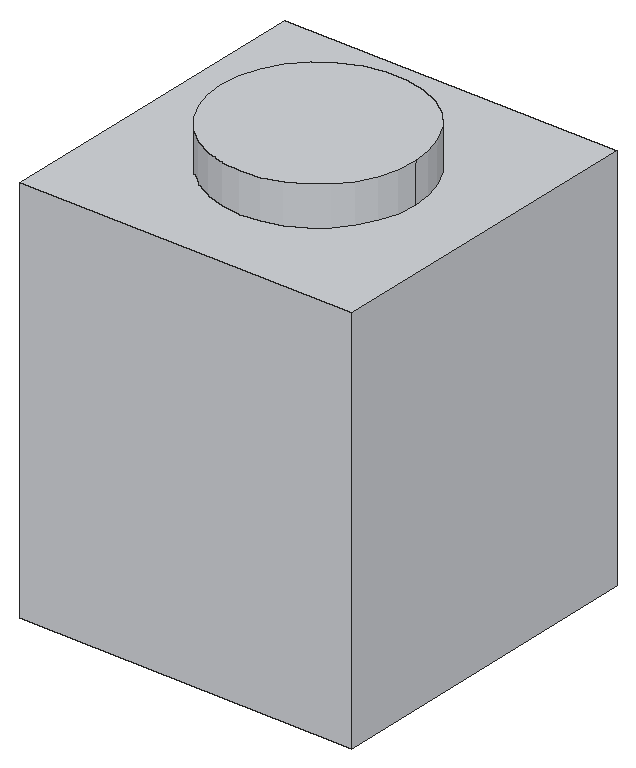
Revit family "Difusor de suprimento com Plenum- Quadrado - Linear - Entrada redonda vertical", category Terminais de ar, Revit 2019
Family settings
  Cota do conector redondo = Usar raio
  Tipo de parte = Normal
  ID de item do Seek = Supply Diffuser - Rectangular Face Round Neck-0000-CAN-ENU
  Com base no plano de trabalho = Não
  Sempre na vertical = Sim
  Corte com vazios quando carregada = Não
  Compartilhado = Não
  Ponto de cálculo do ambiente = Não
Parameters (values of type "425mm")
  Espaçamento da lâmina = (Largura - 75.0 mm) * 1 / 20  # 17.5 mm
  Altura = 500.0 mm
  Comprimento do macho de torneira = 50.0 mm
  Altura de conexão da torneira = Raio do duto + 185.0 mm  # 310.0 mm
  Queda de pressão [instance] = 0.0 Pa
  UpFlowArrow [instance] = yes
  Largura = 425.0 mm
  RightFlowArrow [instance] = yes
  LeftFlowArrow [instance] = yes
  Fluxo [instance] = 0.0 L/s
  Raio do duto = 125 mm
  Diâmetro do duto = Raio do duto * 2  # 250 mm
  DownFlowArrow [instance] = yes
  Material do difusor = none
  Assembly Code = ""
Types (4, lengths in mm): name | Espaçamento da lâmina | Altura | Comprimento do macho de torneira | Altura de conexão da torneira | Largura | Raio do duto | Diâmetro do duto
  425mm | 17.5 | 500.0 | 50.0 | 310.0 | 425.0 | 125 | 250
  600mm | 26.25 | 550.0 | 50.0 | 335.0 | 600.0 | 150 | 300
  775mm | 35.0 | 550.0 | 70.0 | 410.0 | 775.0 | 225 | 450
  1050mm | 48.75 | 600.0 | 70.0 | 435.0 | 1050.0 | 250 | 500
Reference planes
  plane 1 "Centro (frente/trás)": y = 0
  plane 2: z = 0
  plane 3 "Centro (direita/esquerda)": x = 0
  plane 4: x = 457.2
  plane 5: y = 457.2
  plane 6: x = -457.2
  plane 7: y = -457.2
  plane 8 "Inferior": z = 0
  plane 9 "Esquerda": x = -212.5
  plane 10 "Direita": x = 212.5
  plane 11 "Parte posterior": y = 212.5
  plane 12 "Parte frontal": y = -212.5
  plane 13 "Superior": z = 500
  plane 14 "Traseira da aba": y = 187.5
  plane 15 "Esquerda da aba": x = -187.5
  plane 16 "Direita da aba": x = 187.5
  plane 17 "Frente da aba": y = -187.5
  plane 18 "Esquerda do centro da aba": x = -12.5
  plane 19 "Direita do centro da aba": x = 12.5
  plane 20 "Traseira do centro da aba": y = 12.5
  plane 21 "Frente do centro da aba": y = -12.5
  plane 22: x = -170
  plane 23: x = -152.5
  plane 24: x = -135
  plane 25: x = -117.5
  plane 26: x = -100
  plane 27: x = -82.5
  plane 28: x = -65
  plane 29: x = -47.5
  plane 30: x = -30
  plane 31: x = 30
  plane 32: x = 47.5
  plane 33: x = 65
  plane 34: x = 82.5
  plane 35: x = 100
  plane 36: x = 117.5
  plane 37: x = 135
  plane 38: x = 152.5
  plane 39: x = 170
  plane 40: y = -30
  plane 41: y = -47.5
  plane 42: y = -65
  plane 43: y = -82.5
  plane 44: y = -100
  plane 45: y = -117.5
  plane 46: y = -135
  plane 47: y = -152.5
  plane 48: y = -170
  plane 49: y = 170
  plane 50: y = 152.5
  plane 51: y = 135
  plane 52: y = 117.5
  plane 53: y = 100
  plane 54: y = 82.5
  plane 55: y = 65
  plane 56: y = 47.5
  plane 57: y = 30
  plane 58 "Face da torneira": z = 550
Forms (mm)
  Extrusion 1, solid, material <- "Material do difusor"
    sketch origin (0, 0, 0) x (1, 0, 0) y (0, 1, 0)
      loop
        line (-212.5, 212.5) -> (-212.5, -212.5) -> (212.5, -212.5) -> (212.5, 212.5) -> (-212.5, 212.5)
    from 0 to 500
  Extrusion 2, solid, material <- "Material do difusor"
    sketch origin (0, 0, 500) x (-1, 0, 0) y (0, -1, 0)
      loop
        circle (0, 0) r 125
    from 0 to 50
Lines and regions (mm)
  symbolic lines
    curve 1: line (-212.5, 212.5, 0) -> (212.5, 212.5, 0)
    curve 2: line (212.5, 212.5, 0) -> (212.5, -212.5, 0)
    curve 3: line (212.5, -212.5, 0) -> (-212.5, -212.5, 0)
    curve 4: line (-212.5, -212.5, 0) -> (-212.5, 212.5, 0)
    curve 5: line (-212.5, 212.5, 0) -> (212.5, -212.5, 0)
    curve 6: line (-212.5, -212.5, 0) -> (212.5, 212.5, 0)
  model lines
    curve 7: line (-170, 12.5, 0) -> (-170, 187.5, 0)
    curve 8: line (-152.5, 187.5, 0) -> (-152.5, 12.5, 0)
    curve 9: line (-135, 187.5, 0) -> (-135, 12.5, 0)
    curve 10: line (-117.5, 187.5, 0) -> (-117.5, 12.5, 0)
    curve 11: line (-100, 187.5, 0) -> (-100, 12.5, 0)
    curve 12: line (-82.5, 187.5, 0) -> (-82.5, 12.5, 0)
    curve 13: line (-65, 187.5, 0) -> (-65, 12.5, 0)
    curve 14: line (-47.5, 187.5, 0) -> (-47.5, 12.5, 0)
    curve 15: line (-30, 187.5, 0) -> (-30, 12.5, 0)
    curve 16: line (-12.5, 187.5, 0) -> (-12.5, 12.5, 0)
    curve 17: line (12.5, 12.5, 0) -> (187.5, 12.5, 0)
    curve 18: line (12.5, 30, 0) -> (187.5, 30, 0)
    curve 19: line (12.5, 47.5, 0) -> (187.5, 47.5, 0)
    curve 20: line (12.5, 65, 0) -> (187.5, 65, 0)
    curve 21: line (12.5, 82.5, 0) -> (187.5, 82.5, 0)
    curve 22: line (12.5, 100, 0) -> (187.5, 100, 0)
    curve 23: line (12.5, 117.5, 0) -> (187.5, 117.5, 0)
    curve 24: line (12.5, 135, 0) -> (187.5, 135, 0)
    curve 25: line (12.5, 152.5, 0) -> (187.5, 152.5, 0)
    curve 26: line (12.5, 170, 0) -> (187.5, 170, 0)
    curve 27: line (-187.5, 12.5, 0) -> (-187.5, 187.5, 0)
    curve 28: line (12.5, 187.5, 0) -> (187.5, 187.5, 0)
    curve 29: line (12.5, -187.5, 0) -> (12.5, -12.5, 0)
    curve 30: line (30, -187.5, 0) -> (30, -12.5, 0)
    curve 31: line (47.5, -187.5, 0) -> (47.5, -12.5, 0)
    curve 32: line (65, -187.5, 0) -> (65, -12.5, 0)
    curve 33: line (82.5, -187.5, 0) -> (82.5, -12.5, 0)
    curve 34: line (100, -187.5, 0) -> (100, -12.5, 0)
    curve 35: line (117.5, -187.5, 0) -> (117.5, -12.5, 0)
    curve 36: line (135, -187.5, 0) -> (135, -12.5, 0)
    curve 37: line (152.5, -187.5, 0) -> (152.5, -12.5, 0)
    curve 38: line (170, -187.5, 0) -> (170, -12.5, 0)
    curve 39: line (187.5, -187.5, 0) -> (187.5, -12.5, 0)
    curve 40: line (-187.5, -187.5, 0) -> (-12.5, -187.5, 0)
    curve 41: line (-187.5, -170, 0) -> (-12.5, -170, 0)
    curve 42: line (-187.5, -152.5, 0) -> (-12.5, -152.5, 0)
    curve 43: line (-187.5, -135, 0) -> (-12.5, -135, 0)
    curve 44: line (-187.5, -117.5, 0) -> (-12.5, -117.5, 0)
    curve 45: line (-187.5, -100, 0) -> (-12.5, -100, 0)
    curve 46: line (-187.5, -82.5, 0) -> (-12.5, -82.5, 0)
    curve 47: line (-187.5, -65, 0) -> (-12.5, -65, 0)
    curve 48: line (-187.5, -47.5, 0) -> (-12.5, -47.5, 0)
    curve 49: line (-187.5, -30, 0) -> (-12.5, -30, 0)
    curve 50: line (-187.5, -12.5, 0) -> (-12.5, -12.5, 0)
Dimensions and locks
  "Largura": nested 3 to plane 3 "Centro (direita/esquerda)"
  "Largura": nested 2 to plane 1 "Centro (frente/trás)"
  "Largura": plane 3 "Centro (direita/esquerda)" to nested 1
  "Largura": nested 4 to plane 1 "Centro (frente/trás)"
  equal spacing: plane 12 "Parte frontal", plane 1 "Centro (frente/trás)", plane 11 "Parte posterior"
  "Largura": plane 11 "Parte posterior" to plane 12 "Parte frontal"
  equal spacing: plane 9 "Esquerda", plane 3 "Centro (direita/esquerda)", plane 10 "Direita"
  "Largura": plane 9 "Esquerda" to plane 10 "Direita"
  "Altura": plane 13 "Superior" to plane 8 "Inferior"
  locked: plane 11 "Parte posterior" to plane 14 "Traseira da aba" at 25
  locked: plane 12 "Parte frontal" to plane 17 "Frente da aba" at 25
  locked: plane 9 "Esquerda" to plane 15 "Esquerda da aba" at 25
  locked: plane 16 "Direita da aba" to plane 10 "Direita" at 25
  equal spacing: plane 18 "Esquerda do centro da aba", plane 3 "Centro (direita/esquerda)", plane 19 "Direita do centro da aba"
  locked: plane 3 "Centro (direita/esquerda)" to plane 19 "Direita do centro da aba" at 12.5
  locked: plane 20 "Traseira do centro da aba" to nested 3 at 12.5
  equal spacing: plane 21 "Frente do centro da aba", nested 3, plane 20 "Traseira do centro da aba"
  "Espaçamento da lâmina": plane 15 "Esquerda da aba" to plane 22
  "Espaçamento da lâmina": plane 22 to plane 23
  "Espaçamento da lâmina": plane 23 to plane 24
  "Espaçamento da lâmina": plane 24 to plane 25
  "Espaçamento da lâmina": plane 25 to plane 26
  "Espaçamento da lâmina": plane 26 to plane 27
  "Espaçamento da lâmina": plane 27 to plane 28
  "Espaçamento da lâmina": plane 28 to plane 29
  "Espaçamento da lâmina": plane 29 to plane 30
  "Espaçamento da lâmina": plane 31 to plane 32
  "Espaçamento da lâmina": plane 32 to plane 33
  "Espaçamento da lâmina": plane 33 to plane 34
  "Espaçamento da lâmina": plane 34 to plane 35
  "Espaçamento da lâmina": plane 35 to plane 36
  "Espaçamento da lâmina": plane 36 to plane 37
  "Espaçamento da lâmina": plane 37 to plane 38
  "Espaçamento da lâmina": plane 38 to plane 39
  "Espaçamento da lâmina": plane 40 to plane 41
  "Espaçamento da lâmina": plane 41 to plane 42
  "Espaçamento da lâmina": plane 42 to plane 43
  "Espaçamento da lâmina": plane 43 to plane 44
  "Espaçamento da lâmina": plane 44 to plane 45
  "Espaçamento da lâmina": plane 45 to plane 46
  "Espaçamento da lâmina": plane 46 to plane 47
  "Espaçamento da lâmina": plane 47 to plane 48
  "Espaçamento da lâmina": plane 17 "Frente da aba" to plane 48
  "Espaçamento da lâmina": plane 49 to plane 50
  "Espaçamento da lâmina": plane 50 to plane 51
  "Espaçamento da lâmina": plane 51 to plane 52
  "Espaçamento da lâmina": plane 52 to plane 53
  "Espaçamento da lâmina": plane 53 to plane 54
  "Espaçamento da lâmina": plane 54 to plane 55
  "Espaçamento da lâmina": plane 55 to plane 56
  "Espaçamento da lâmina": plane 56 to plane 57
  "Espaçamento da lâmina": plane 39 to plane 16 "Direita da aba"
  "Espaçamento da lâmina": plane 49 to plane 14 "Traseira da aba"
  "Comprimento do macho de torneira": plane 58 "Face da torneira" to plane 13 "Superior"
  "Raio do duto": radius of Extrusion 2 sketch curve
  aligned and locked: plane 3 "Centro (direita/esquerda)" to nested 2
  aligned and locked: plane 1 "Centro (frente/trás)" to nested 1
  aligned and locked: nested 4 to plane 3 "Centro (direita/esquerda)"
  aligned and locked: nested 3 to plane 1 "Centro (frente/trás)"
  aligned and locked: plane 2 to plane 8 "Inferior"
  aligned and locked: plane 13 "Superior" to Extrusion 1
  aligned and locked: plane 9 "Esquerda" to Extrusion 1 sketch curve
  aligned and locked: Extrusion 1 sketch curve to plane 11 "Parte posterior"
  aligned and locked: Extrusion 1 sketch curve to plane 12 "Parte frontal"
  aligned and locked: plane 10 "Direita" to Extrusion 1 sketch curve
  aligned and locked: Extrusion 1 to plane 13 "Superior"
  aligned and locked: Extrusion 1 to plane 8 "Inferior"
  aligned and locked: plane 14 "Traseira da aba" to curve 7
  aligned and locked: plane 20 "Traseira do centro da aba" to curve 7
  aligned and locked: curve 7 to plane 22
  aligned and locked: curve 8 to plane 23
  aligned and locked: curve 9 to plane 24
  aligned and locked: curve 10 to plane 25
  aligned and locked: curve 11 to plane 26
  aligned and locked: curve 12 to plane 27
  aligned and locked: curve 13 to plane 28
  aligned and locked: curve 14 to plane 29
  aligned and locked: curve 15 to plane 30
  aligned and locked: curve 16 to plane 18 "Esquerda do centro da aba"
  aligned and locked: plane 14 "Traseira da aba" to curve 8
  aligned and locked: plane 14 "Traseira da aba" to curve 9
  aligned and locked: plane 14 "Traseira da aba" to curve 10
  aligned and locked: plane 14 "Traseira da aba" to curve 11
  aligned and locked: plane 14 "Traseira da aba" to curve 12
  aligned and locked: plane 14 "Traseira da aba" to curve 13
  aligned and locked: plane 14 "Traseira da aba" to curve 14
  aligned and locked: plane 14 "Traseira da aba" to curve 15
  aligned and locked: plane 14 "Traseira da aba" to curve 16
  aligned and locked: plane 20 "Traseira do centro da aba" to curve 8
  aligned and locked: plane 20 "Traseira do centro da aba" to curve 9
  aligned and locked: plane 20 "Traseira do centro da aba" to curve 10
  aligned and locked: plane 20 "Traseira do centro da aba" to curve 11
  aligned and locked: plane 20 "Traseira do centro da aba" to curve 12
  aligned and locked: plane 20 "Traseira do centro da aba" to curve 13
  aligned and locked: plane 20 "Traseira do centro da aba" to curve 14
  aligned and locked: plane 20 "Traseira do centro da aba" to curve 15
  aligned and locked: plane 20 "Traseira do centro da aba" to curve 16
  aligned and locked: plane 19 "Direita do centro da aba" to curve 17
  aligned and locked: plane 19 "Direita do centro da aba" to curve 18
  aligned and locked: plane 19 "Direita do centro da aba" to curve 19
  aligned and locked: plane 19 "Direita do centro da aba" to curve 20
  aligned and locked: plane 19 "Direita do centro da aba" to curve 21
  aligned and locked: plane 19 "Direita do centro da aba" to curve 22
  aligned and locked: plane 19 "Direita do centro da aba" to curve 23
  aligned and locked: plane 19 "Direita do centro da aba" to curve 24
  aligned and locked: plane 19 "Direita do centro da aba" to curve 25
  aligned and locked: plane 19 "Direita do centro da aba" to curve 26
  aligned and locked: plane 15 "Esquerda da aba" to curve 27
  aligned and locked: plane 14 "Traseira da aba" to curve 27
  aligned and locked: plane 20 "Traseira do centro da aba" to curve 27
  aligned and locked: plane 16 "Direita da aba" to curve 17
  aligned and locked: plane 16 "Direita da aba" to curve 18
  aligned and locked: plane 16 "Direita da aba" to curve 19
  aligned and locked: plane 16 "Direita da aba" to curve 20
  aligned and locked: plane 16 "Direita da aba" to curve 21
  aligned and locked: plane 16 "Direita da aba" to curve 22
  aligned and locked: plane 16 "Direita da aba" to curve 23
  aligned and locked: plane 16 "Direita da aba" to curve 24
  aligned and locked: plane 16 "Direita da aba" to curve 25
  aligned and locked: plane 16 "Direita da aba" to curve 26
  aligned and locked: curve 17 to plane 20 "Traseira do centro da aba"
  aligned and locked: curve 18 to plane 57
  aligned and locked: curve 19 to plane 56
  aligned and locked: curve 20 to plane 55
  aligned and locked: curve 21 to plane 54
  aligned and locked: curve 22 to plane 53
  aligned and locked: curve 23 to plane 52
  aligned and locked: curve 24 to plane 51
  aligned and locked: curve 25 to plane 50
  aligned and locked: curve 26 to plane 49
  aligned and locked: plane 19 "Direita do centro da aba" to curve 28
  aligned and locked: plane 16 "Direita da aba" to curve 28
  aligned and locked: curve 28 to plane 14 "Traseira da aba"
  aligned and locked: plane 21 "Frente do centro da aba" to curve 29
  aligned and locked: plane 21 "Frente do centro da aba" to curve 30
  aligned and locked: plane 21 "Frente do centro da aba" to curve 31
  aligned and locked: plane 21 "Frente do centro da aba" to curve 32
  aligned and locked: plane 21 "Frente do centro da aba" to curve 33
  aligned and locked: plane 21 "Frente do centro da aba" to curve 34
  aligned and locked: plane 21 "Frente do centro da aba" to curve 35
  aligned and locked: plane 21 "Frente do centro da aba" to curve 36
  aligned and locked: plane 21 "Frente do centro da aba" to curve 37
  aligned and locked: plane 21 "Frente do centro da aba" to curve 38
  aligned and locked: plane 21 "Frente do centro da aba" to curve 39
  aligned and locked: plane 17 "Frente da aba" to curve 29
  aligned and locked: plane 17 "Frente da aba" to curve 30
  aligned and locked: plane 17 "Frente da aba" to curve 31
  aligned and locked: plane 17 "Frente da aba" to curve 32
  aligned and locked: plane 17 "Frente da aba" to curve 33
  aligned and locked: plane 17 "Frente da aba" to curve 34
  aligned and locked: plane 17 "Frente da aba" to curve 35
  aligned and locked: plane 17 "Frente da aba" to curve 36
  aligned and locked: plane 17 "Frente da aba" to curve 37
  aligned and locked: plane 17 "Frente da aba" to curve 38
  aligned and locked: plane 17 "Frente da aba" to curve 39
  aligned and locked: plane 19 "Direita do centro da aba" to curve 29
  aligned and locked: curve 30 to plane 31
  aligned and locked: curve 31 to plane 32
  aligned and locked: curve 32 to plane 33
  aligned and locked: curve 33 to plane 34
  aligned and locked: curve 34 to plane 35
  aligned and locked: curve 35 to plane 36
  aligned and locked: curve 36 to plane 37
  aligned and locked: curve 37 to plane 38
  aligned and locked: curve 38 to plane 39
  aligned and locked: curve 39 to plane 16 "Direita da aba"
  aligned and locked: plane 15 "Esquerda da aba" to curve 40
  aligned and locked: plane 15 "Esquerda da aba" to curve 41
  aligned and locked: plane 15 "Esquerda da aba" to curve 42
  aligned and locked: plane 15 "Esquerda da aba" to curve 43
  aligned and locked: plane 15 "Esquerda da aba" to curve 44
  aligned and locked: plane 15 "Esquerda da aba" to curve 45
  aligned and locked: plane 15 "Esquerda da aba" to curve 46
  aligned and locked: plane 15 "Esquerda da aba" to curve 47
  aligned and locked: plane 15 "Esquerda da aba" to curve 48
  aligned and locked: plane 15 "Esquerda da aba" to curve 49
  aligned and locked: plane 15 "Esquerda da aba" to curve 50
  aligned and locked: plane 18 "Esquerda do centro da aba" to curve 40
  aligned and locked: plane 18 "Esquerda do centro da aba" to curve 41
  aligned and locked: plane 18 "Esquerda do centro da aba" to curve 42
  aligned and locked: plane 18 "Esquerda do centro da aba" to curve 43
  aligned and locked: plane 18 "Esquerda do centro da aba" to curve 44
  aligned and locked: plane 18 "Esquerda do centro da aba" to curve 45
  aligned and locked: plane 18 "Esquerda do centro da aba" to curve 46
  aligned and locked: plane 18 "Esquerda do centro da aba" to curve 47
  aligned and locked: plane 18 "Esquerda do centro da aba" to curve 48
  aligned and locked: plane 18 "Esquerda do centro da aba" to curve 49
  aligned and locked: plane 18 "Esquerda do centro da aba" to curve 50
  aligned and locked: plane 17 "Frente da aba" to curve 40
  aligned and locked: curve 41 to plane 48
  aligned and locked: curve 42 to plane 47
  aligned and locked: curve 43 to plane 46
  aligned and locked: curve 44 to plane 45
  aligned and locked: curve 45 to plane 44
  aligned and locked: curve 46 to plane 43
  aligned and locked: curve 47 to plane 42
  aligned and locked: curve 48 to plane 41
  aligned and locked: curve 49 to plane 40
  aligned and locked: plane 21 "Frente do centro da aba" to curve 50
  aligned and locked: plane 1 "Centro (frente/trás)" to Extrusion 2 sketch curve
  aligned and locked: plane 3 "Centro (direita/esquerda)" to Extrusion 2 sketch curve
  aligned and locked: plane 58 "Face da torneira" to Extrusion 2
Automatic sketch dimensions
  curve 1 to plane 9 "Esquerda" = 0.0 mm
  curve 2 to plane 10 "Direita" = 0.0 mm
  plane 12 "Parte frontal" to curve 4 = 0.0 mm
  curve 4 to plane 11 "Parte posterior" = 0.0 mm
Nested families
  nested 1: "Seta do terminal do duto" at (425, 0, 0), visible <- "RightFlowArrow", type "Seta do terminal do duto"
  nested 2: "Seta do terminal do duto" at (0, 425, 0) x (0, 1, 0) z (0, 0, 1), visible <- "UpFlowArrow", type "Seta do terminal do duto"
  nested 3: "Seta do terminal do duto" at (-425, 0, 0) x (-1, 0, 0) z (0, 0, 1), visible <- "LeftFlowArrow", type "Seta do terminal do duto"
  nested 4: "Seta do terminal do duto" at (0, -425, 0) x (0, -1, 0) z (0, 0, 1), visible <- "DownFlowArrow", type "Seta do terminal do duto"
Connectors
  hvac at (0, 0, 550), driven by "Queda de pressão", driven by "Fluxo", driven by "Raio do duto"
    settings: on Extrusion 2, index 1, duct flow 0.0 L/s, flow factor 0, pres drop 0.0 Pa, loss coef 0, conn angle 0.00°, conn width 304.8 mm, conn height 304.8 mm, conn diameter 250 mm, duct sys type 1, conn prof type 0, flow config 1, flow direction 1, loss method 4, conn ref index -1, conn util no, is conn primary yes, conn desc "Entrada de ar"
Definition of nested family "Seta do terminal do duto"
  Parameters
    Largura = 600.0 mm
    Visibilidade 1 = yes
    Visibilidade 2 = no
    Comprimento 4 = (Meio comprimento 1 - Comprimento 5 * sin(20.00°) * 4) / 2  # 70.515 mm
    Comprimento 5 = Comprimento 2 * tan(20.00°)  # 116.199 mm
    Comprimento 3 = Comprimento 2 * 0.5  # 159.627 mm
    Comprimento 2 = Meio comprimento 1 / cos(20.00°)  # 319.253 mm
    Comprimento 1 = if(Altura > Largura, Altura, Largura)  # 600.0 mm
    Altura = 600.0 mm
    Meio comprimento 1 = Comprimento 1 * 0.5  # 300.0 mm
    Assembly Code = ""
  Reference planes
    plane 1 "Centro (Frente/Trás)": y = 0
    plane 2: z = 0
    plane 3 "Centro (Esquerda/Direita)": x = 0
  Lines and regions (mm)
    Filled region 1, type "Tijolo", in view "Nível de referência", visible <- "Visibilidade 1"
      outline origin (0, 0, 0) x (1, 0, 0) y (0, 1, 0)
        loop
          line (600, 0) -> (300, 109.191) -> (300, -109.191) -> (600, 0)
    Filled region 2, type "Preenchimento sólido - Preto", in view "Nível de referência", visible <- "Visibilidade 2"
      outline origin (0, 0, 0) x (1, 0, 0) y (0, 1, 0)
        loop
          line (-300, 109.191) -> (-300, -109.191) -> (0, 0) -> (-300, 109.191)
    detail lines, in view "Nível de referência", visible <- "Visibilidade 1"
      curve 1: line (0, 0, 0) -> (600, 0, 0)
      curve 2: line (600, 0, 0) -> (300, 109.191, 0)
      curve 3: line (600, 0, 0) -> (300, -109.191, 0)
      curve 4: line (300, 109.191, 0) -> (300, -109.191, 0)
    detail lines, in view "Nível de referência", visible <- "Visibilidade 2"
      curve 5: line (-300, 0, 0) -> (0, 0, 0)
      curve 6: line (0, 0, 0) -> (-300, 109.191, 0)
      curve 7: line (0, 0, 0) -> (-300, -109.191, 0)
      curve 8: line (-300, 109.191, 0) -> (-300, -109.191, 0)
      curve 9: line (-300, 0, 0) -> (-370.515, 0, 0)
      curve 10: line (-370.515, 0, 0) -> (-410.258, 109.191, 0)
      curve 11: line (-450, 0, 0) -> (-410.258, 109.191, 0)
      curve 12: line (-450, 0, 0) -> (-489.742, -109.191, 0)
      curve 13: line (-529.485, 0, 0) -> (-489.742, -109.191, 0)
      curve 14: line (-529.485, 0, 0) -> (-600, 0, 0)
  Dimensions and locks
    "Comprimento 1": curve 1 to curve 1
    "Comprimento 2": curve 2 to curve 2
    "Comprimento 2": curve 3 to curve 3
    "Meio comprimento 1": curve 5 to curve 5
    "Comprimento 2": curve 6 to curve 6
    "Comprimento 2": curve 7 to curve 7
    "Comprimento 4": curve 9 to curve 9
    "Comprimento 5": curve 10 to curve 10
    "Comprimento 5": curve 11 to curve 11
    "Comprimento 5": curve 12 to curve 12
    "Comprimento 5": curve 13 to curve 13
    "Comprimento 4": curve 14 to curve 14
    locked: curve 2 to curve 1 (angle 20.00°)
    locked: curve 6 to curve 5 (angle 20.00°)
    locked: curve 9 to curve 10 (angle 110.00°)
    locked: curve 11 to curve 12 (angle 180.00°)
    aligned and locked: plane 1 "Centro (Frente/Trás)" to curve 1
    aligned and locked: Filled region 1 sketch curve to curve 2
    aligned and locked: Filled region 1 sketch curve to curve 3
    aligned and locked: Filled region 1 sketch curve to curve 4
    aligned and locked: plane 1 "Centro (Frente/Trás)" to curve 5
    aligned and locked: plane 3 "Centro (Esquerda/Direita)" to curve 5
    aligned and locked: Filled region 2 sketch curve to curve 8
    aligned and locked: Filled region 2 sketch curve to curve 6
    aligned and locked: Filled region 2 sketch curve to curve 7
    aligned and locked: curve 14 to plane 1 "Centro (Frente/Trás)"
  Automatic sketch dimensions
    plane 1 "Centro (Frente/Trás)" to curve 12 = 0.0 mm
